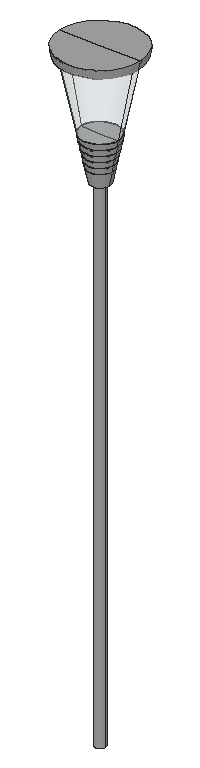
Revit family "Ray D - Generic", category Lighting Fixtures, Revit 2014
Parameters (values of type "Ray D")
  Wattage Comments = ""
  WarrantyGuarantorParts = "n/a"
  WarrantyDurationParts = "n/a"
  WarrantyDescription = "n/a"
  Visible [instance] = yes
  Version = "v.1.0"
  Uniclass2 = "Pr_70_70_49_43 Light-Emitting Diode (LED) Luminaires"
  Uniclass 1.4 = "JY73"
  URL = "http://riegens.com/ray-d"
  Type Mark = ""
  TotalWattage = "Max. 37W"
  TagNumber = "n/a"
  Switch ID [instance] = ""
  SustainabilityPerformance = "n/a"
  SupplyCircuitConductorConnections = "n/a"
  Size = "Ø460 mm"
  Shape = "Circle"
  ProductInformation = "http://riegens.com/ray-d"
  PhotometricPerformance = "In accordance with BS EN 13032-1"
  PhaseReference = "IEC recommendations"
  Panel [instance] = ""
  Optic = "Symmetric opal"
  OmniClass Title = "Lighting"
  OmniClass Number = "23.80.70.00"
  Offset from floor = 2900 mm
  NominalVoltage = "220-240V"
  Moves With Nearby Elements [instance] = no
  ModelReference = "Ray D"
  Model = "Ray D"
  Material = "Aluminium and PC"
  Mark [instance] = "1"
  ManufacturersSpecificInformation = "n/a"
  ManufacturerURL = "www.riegens.com"
  Manufacturer = "Riegens A/S"
  LuminaireType = "Outdoor Direct LED Luminaire"
  LuminairePowerFactor = ">0,9"
  LightSource = "LED 3000K / 4000K"
  LightFixturePlacingType = "Pole / Wall"
  LightFixtureMountingType = "Pole_top / Wall"
  Light Source Definition (family) = "Point+Spherical"
  LampType = "LED"
  LampRating = "37W"
  LampColourRenderingIndex = "Ra>80"
  Lamp = ""
  InternalFuse = "Only required in emergency versions"
  InsulationStandardClass = "Class 2"
  IfcExportType = "NOTDEFINED'"
  IfcExportAs = "IfcLightFixtureType'"
  IP_Code = "IP65"
  Host [instance] = "None"
  Height 1 = 703 mm
  HasProtectiveEarth = "TRUE"
  Grade = "n/a"
  Finish = "Powder coated"
  Features = "n/a"
  Electrical Data [instance] = ""
  Documentation = "See URL hyperlink"
  DocumentReference = "See URL hyperlink"
  Diameter 2 = 108 mm
  Diameter 1 = 460 mm
  Description = "70-80-35 General Lighting Systems"
  ControlGearPosition = "Integrated "
  Constituents = "n/a"
  Comments [instance] = ""
  Colour = "Grey"
  built-in parameter 1114216 [instance] = (empty or 0)
  CodePerformance = "n/a"
  Circuit Number [instance] = ""
  built-in parameter 1140040 [instance] = (empty or 0)
  CCSTopnode = "L"
  CCSClassName = "Belysningsarmatur"
  CCSClassCode = "UAC"
  BarCode = "n/a"
  BallastsCELMAEnergyEfficiencyIndex = "Class A1/A2"
  BSAB 96 = "SNB.2"
  BIMObjectName = "Ray D.rfa"
  Author = "3dbyggeri"
  AssetType = "Moveable/Fixed"
  AssetIdentifier = "n/a"
  Assembly Description = ""
  Assembly Code = ""
  ArticleNumber = "See URL hyperlink"
  Apparent Load = 240 VA
  AccessibilityPerformance = "n/a"
Reference planes
  plane 1 "Center (Front/Back)": y = 0
  plane 2: z = 0
  plane 3 "Center (Left/Right)": x = 0
Dimensions and locks
  aligned and locked: level to plane 2
Nested families
  nested 1: "Ray D - Dummy" at (0, 0, 0), type "Standard"
Definition of nested family "Ray D - Dummy"
  Parameters (values of type "Standard")
    Wattage = 37 W
    built-in parameter 1150110 = 1 (stored number, unit not read)
    URL = ""
    built-in parameter 1114217 = 1 (stored number, unit not read)
    Tilt Angle = 90.00°
    built-in parameter 1150109 = 1 (stored number, unit not read)
    built-in parameter 1150134 = 12
    built-in parameter 1150113 = 1 (stored number, unit not read)
    PhotometricPerformance = "In accordance with BS EN 13032-1"
    Photometric Web File = "RaY D 37W LED 4000K IP65.ies"
    Optic = "Symmetric opal"
    Offset from floor = 2900 mm
    Model = ""
    Manufacturer = ""
    Lumens = 2960 lm
    built-in parameter 1150115 = 1 (stored number, unit not read)
    built-in parameter 1150105 = 235.55 (stored number, unit not read)
    LightSource = "LED 3000K / 4000K"
    built-in parameter 1150137 = (empty or 0)
    built-in parameter 1150139 = (empty or 0)
    LampColourRenderingIndex = "Ra>80"
    built-in parameter 1150112 = 1 (stored number, unit not read)
    built-in parameter 1150114 = 1 (stored number, unit not read)
    built-in parameter 1150132 = (empty or 0)
    built-in parameter 1150102 = (empty or 0)
    built-in parameter 1150138 = (empty or 0)
    built-in parameter 1150107 = 4000 (stored number, unit not read)
    built-in parameter 1150106 = 2.3555 (stored number, unit not read)
    Height 1 = 703 mm
    Frame = Riegens_Aluminum_powder coated grey
    Finish = "Powder coated"
    built-in parameter 1150104 = 7.4322 (stored number, unit not read)
    Dimming Lamp Color Temperature Shift = (empty or 0)
    Diameter 2 = 108 mm
    Diameter 1 = 460 mm
    Description = ""
    Colour = "Grey"
    Color Filter = 16777215
    built-in parameter 1114218 = 1 (stored number, unit not read)
    built-in parameter 1150133 = 10 (stored number, unit not read)
    Apparent Load = 240 VA
  Reference planes
    plane 1 "Light Source Axis (F/B)": y = 0
    plane 2: z = 0
    plane 3 "Light Source Axis (L/R)": x = 0
    plane 4 "Light Source Elevation": z = 3240
    plane 5 "UK": z = 2900
    plane 6: z = 3150
    plane 7: z = 3555
    plane 8: z = 3575
    plane 9: z = 3603
    plane 10: x = -54
    plane 11: x = 54
    plane 12: x = 230
    plane 13: x = -230
  Forms (mm)
    Revolve 1, solid, material "Riegens_Aluminum_powder coated grey" <- "Frame"
      sketch origin (0, 0, 0) x (1, 0, 0) y (0, 0, 1)
        loop
          line (0, 2900) -> (54, 2900) -> (69.942, 2975) -> (67.942, 2975) -> (67.942, 2980) -> (71.005, 2980) -> (77.381, 3010) -> (75.381, 3010) -> (75.381, 3015) -> (78.444, 3015) -> (84.821, 3045) -> (82.821, 3045) -> (82.821, 3050) -> (85.883, 3050) -> (92.26, 3080) -> (90.26, 3080) -> (90.26, 3085) -> (93.323, 3085) -> (99.7, 3115) -> (97.7, 3115) -> (97.7, 3120) -> (100.762, 3120) -> (107.139, 3150) -> (0, 3150) -> (0, 2900)
        axis (0, 3150) -> (0, 2900)
      angle from 0 to 360
    Revolve 2, solid, material "Riegens_Aluminum_powder coated grey" <- "Frame"
      sketch origin (0, 0, 0) x (1, 0, 0) y (0, 0, 1)
        loop
          line (0, 3555) -> (220.514, 3555) -> (230, 3603) -> (0, 3603) -> (0, 3555)
        axis (0, 3555) -> (0, 3603)
      angle from 0 to 360
    Revolve 3, solid, material "Riegens_Glass_opal"
      sketch origin (0, 0, 0) x (1, 0, 0) y (0, 0, 1)
        loop
          line (107.139, 3150) -> (193.225, 3555) -> (190.063, 3555) -> (103.978, 3150) -> (107.139, 3150)
        axis (0, 3150) -> (0, 3555)
      angle from 0 to 360
  Dimensions and locks
    "Diameter 1": plane 12 to plane 13
    equal spacing: plane 12, plane 3 "Light Source Axis (L/R)", plane 13
    equal spacing: plane 11, plane 3 "Light Source Axis (L/R)", plane 10
    "Diameter 2": plane 11 to plane 10
    "Height 1": plane 9 to plane 5 "UK"
    Revolve 3 sketch curve to Revolve 3 sketch curve = 3.093 mm
    "Offset from floor": plane 5 "UK" to plane 2
    locked: plane 9 to plane 7 at 48
    locked: plane 9 to plane 4 "Light Source Elevation" at 363
    locked: plane 9 to plane 6 at 453
    locked: plane 9 to plane 8 at 28
    aligned and locked: plane 3 "Light Source Axis (L/R)" to imposter light
    aligned and locked: imposter light to plane 1 "Light Source Axis (F/B)"
    aligned and locked: plane 4 "Light Source Elevation" to imposter light
    aligned and locked: level to plane 2
    aligned and locked: Revolve 1 sketch curve to plane 3 "Light Source Axis (L/R)"
    aligned and locked: plane 5 "UK" to Revolve 1 sketch curve
    aligned and locked: Revolve 1 sketch curve to plane 6
    aligned and locked: Revolve 2 sketch curve to imposter light
    aligned and locked: plane 7 to Revolve 2 sketch curve
    aligned and locked: Revolve 2 sketch curve to plane 9
  Automatic sketch dimensions
    Revolve 1 sketch curve to plane 3 "Light Source Axis (L/R)" = 0 mm
    plane 11 to Revolve 1 sketch curve = 13.942 mm
    Revolve 1 sketch curve to Revolve 1 sketch curve = 2 mm  (x5)
    Revolve 1 sketch curve to Revolve 1 sketch curve = 3.063 mm  (x5)
    plane 11 to Revolve 1 sketch curve = 21.381 mm
    plane 11 to Revolve 1 sketch curve = 28.821 mm
    Revolve 1 sketch curve to Revolve 1 sketch curve = 4.377 mm  (x2)
    Revolve 1 sketch curve to Revolve 1 sketch curve = 104.625 mm
    Revolve 1 sketch curve to plane 6 = 42.61 mm
    Revolve 2 sketch curve to plane 3 "Light Source Axis (L/R)" = 0 mm
    Revolve 2 sketch curve to plane 12 = 0 mm
    Revolve 2 sketch curve to plane 12 = 9.486 mm
    Revolve 2 sketch curve to plane 4 "Light Source Elevation" = 90 mm
    Revolve 2 sketch curve to plane 9 = 127 mm
    Revolve 3 sketch curve to plane 3 "Light Source Axis (L/R)" = 0 mm
    Revolve 3 sketch curve to plane 6 = 0 mm
    Revolve 3 sketch curve to plane 7 = 0 mm
    plane 6 to Revolve 3 sketch curve = 50 mm
    Revolve 3 sketch curve to plane 9 = 122 mm
    Revolve 1 sketch curve to plane 11 = 0 mm
    Revolve 1 sketch curve to Revolve 1 sketch curve = 6.377 mm
    Revolve 1 sketch curve to plane 5 "UK" = 75 mm
    Revolve 1 sketch curve to Revolve 1 sketch curve = 5 mm  (x5)
    Revolve 1 sketch curve to Revolve 1 sketch curve = 30 mm  (x4)
    plane 11 to Revolve 3 sketch curve = 49.978 mm
    Revolve 3 sketch curve to Revolve 3 sketch curve = 3.162 mm
  Nested families
    nested 1: "Mast" at (0, 0, 0), type "Mast"
  Connectors
    electrical at (0, 0, 2900)
      settings: index 1, voltage 0 V, apparent load 0 VA, apparent load phase1 0 VA, apparent load phase2 0 VA, apparent load phase3 0 VA, power factor 1, load classification "Other", number of poles 1, system type 31, power factor state 1, is connector primary yes, connector utility no, sub classification motor no, connector description ""
  Definition of nested family "Mast"
    Parameters (values of type "Mast")
      Offset from floor = 2900 mm
      Frame = Riegens_Aluminum_powder coated grey
      Diameter 1 = 60 mm
    Reference planes
      plane 1 "Center (Front/Back)": y = 0
      plane 2: z = 0
      plane 3 "Center (Left/Right)": x = 0
      plane 4: y = 60
      plane 5: y = -60
      plane 6: x = -60
      plane 7: x = 60
    Forms (mm)
      Extrusion 1, solid, material "Riegens_Aluminum_powder coated grey"
        sketch origin (0.006, 0.002, 0) x (1, 0, 0) y (0, 1, 0)
          loop
            circle (0, 0) r 30
        from 0 to 2900
    Dimensions and locks
      "Offset from floor": Extrusion 1 to level
      "Diameter 1": diameter of Extrusion 1
      aligned and locked: level to plane 2
      aligned and locked: Extrusion 1 to level
